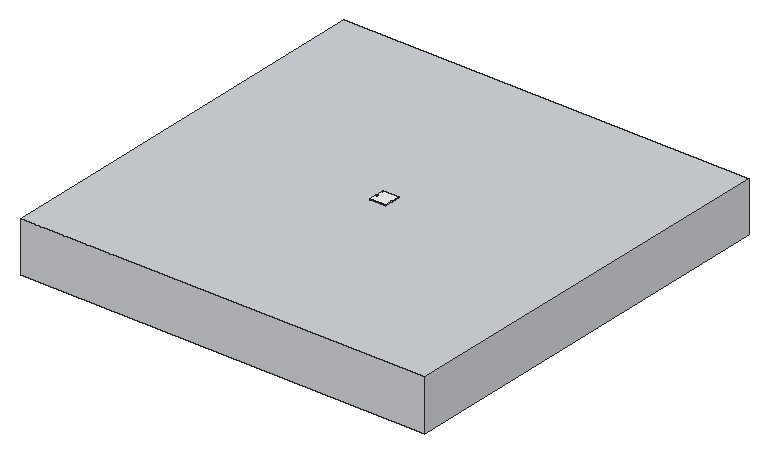
Revit family "Gira_5031126", category Elektroinstallationen, Revit 2017
Family settings
  Basisbauteil = Fläche
  Beschriftungsausrichtung beibehalten = Nein
  Bemaßung runder Anschluss = Durchmesser verwenden
  Teiletyp = Normal
  Beim Laden mit Abzugskörper schneiden = Nein
  Gemeinsam genutzt = Nein
  Raumberechnungspunkt = Nein
Parameters (values of type "Wippenset 1f indiv. Tastsens.4 TS4 Alum.Schwarz")
  Werkstoffgüte = "Aluminium"
  Werkstoff Text = "Metall"
  Default Elevation = 1219.2 mm
  URL = "https://www.gira.de/"
  Typname = "Wippenset 1f indiv. Tastsens.4 TS4 Alum.Schwarz"
  Type Comments = ""
  Transparent = no
  Produktseite = "https://media.stage.bim.site/t/eyJhbGciOiJIUzI1NiIsInR5cCI6IkpXVCJ9.eyJjdCI6MiwidHUiOiJodHRwOi8va2F0YWxvZy5naXJhLmRlL2RlX0RFL2RhdGVuYmxhdHQuaHRtbD9hcnRpa2VsbnI9NTAzMTEyNiIsImNpZCI6IjMyNzdjYzIzLTgxYTktNGVlMy1hOTBhLWI0N2JiNGMwYjYxNiIsInJpZCI6ImMxNjE4YjFhMGQ2MjdkMjMxOWViNGM0YzY4ZTIxMzUwIiwicGlkIjoiZTQ0NjU0ODBiOWUzZDQzYzA0YThjZDA5MWQwMDM2NWM3YzBkOGY2MyIsInNpZCI6IjYzNDcwIiwidXQiOjEsImxjIjoiZGUiLCJpYXQiOjE2MDA5NDIwOTMsImlzcyI6Imh0dHBzOi8vYXBpLmxpdmUuYmltLnNpdGUiLCJzdWIiOiJhZG1pbkBiaW1zaXRlLmRldiJ9.CxDiLf0hwj3Ng2ppFD2vupRKBpnQI9Fd3unnhJCj2Qo"
  Model = ""
  Cost = 0
  Hersteller = "Gira"
  HeinzeBIM = "https://www.heinze.de/bim/wippenset-1f-indiv-tastsens-4-ts4-alum-schwarz/e4465480b9e3d43c04a8cd091d00365c7c0d8f63"
  HAN = "5031126"
  GTIN = "4010337072638"
  Funk bidirektional = no
  Farbe = "schwarz"
  Datenblatt 1 = "https://media.stage.bim.site/t/eyJhbGciOiJIUzI1NiIsInR5cCI6IkpXVCJ9.eyJjdCI6MSwidGYiOiJwdWJsaWMvZ2lyYS9hZThjNTU3LzUwMzExMjYudHh0IiwiY2lkIjoiMzI3N2NjMjMtODFhOS00ZWUzLWE5MGEtYjQ3YmI0YzBiNjE2IiwicmlkIjoiYzE2MThiMWEwZDYyN2QyMzE5ZWI0YzRjNjhlMjEzNTAiLCJwaWQiOiJlNDQ2NTQ4MGI5ZTNkNDNjMDRhOGNkMDkxZDAwMzY1YzdjMGQ4ZjYzIiwic2lkIjoiNjM0NzAiLCJ1dCI6MSwibGMiOiJkZSIsImlhdCI6MTYwMDk0MjA5MywiaXNzIjoiaHR0cHM6Ly9hcGkubGl2ZS5iaW0uc2l0ZSIsInN1YiI6ImFkbWluQGJpbXNpdGUuZGV2In0.3bxCcdgfLJI1bm3JjWxG6UnrU6lMsVOyvuB_bkmOAfc/5031126.txt"
  Datenblatt = "https://media.stage.bim.site/t/eyJhbGciOiJIUzI1NiIsInR5cCI6IkpXVCJ9.eyJjdCI6MSwidHUiOiJodHRwczovL2thdGFsb2cuZ2lyYS5kZS9kZV9ERS9kb3dubG9hZC5odG1sP2FydGlrZWxucj01MDMxMTI2IiwiY2lkIjoiMzI3N2NjMjMtODFhOS00ZWUzLWE5MGEtYjQ3YmI0YzBiNjE2IiwicmlkIjoiYzE2MThiMWEwZDYyN2QyMzE5ZWI0YzRjNjhlMjEzNTAiLCJwaWQiOiJlNDQ2NTQ4MGI5ZTNkNDNjMDRhOGNkMDkxZDAwMzY1YzdjMGQ4ZjYzIiwic2lkIjoiNjM0NzAiLCJ1dCI6MSwibGMiOiJkZSIsImlhdCI6MTYwMDk0MjA5MywiaXNzIjoiaHR0cHM6Ly9hcGkubGl2ZS5iaW0uc2l0ZSIsInN1YiI6ImFkbWluQGJpbXNpdGUuZGV2In0.iaG7HE4wSAljWRJBS9wdwAnHTjv3Qavu7z1hoZDS2vE"
  Bussystem Powernet = no
  Bussystem LON = no
  Bussystem KNX-Funk = no
  Bussystem KNX = yes
  Bussystem Funkbus = no
  Beschreibung = "Wippenset 1fach individuell für Tastsensor 4  Aluminium Schwarz Hinweise :  Beschreibbare Wippensets können mit einer individuellen Beschriftung versehen werden. Die Bestellung wird über den Großhandel abgewickelt, der beim Bestellvorgang der Wippen angegeben wurde.  Dieses Produkt kann ausschließlich über den Gira Beschriftungsservice bestellt werden.  Professionelle Beschriftung über den Gira Beschriftungsservice www.beschriftung.gira.de."
  Assembly Code = ""
  Keynote = ""
  BIMSITE_PRODUCT_ID = "e4465480b9e3d43c04a8cd091d00365c7c0d8f63"
  BIM = "https://media.stage.bim.site/t/eyJhbGciOiJIUzI1NiIsInR5cCI6IkpXVCJ9.eyJjdCI6MSwidGYiOiJwdWJsaWMvZ2lyYS9hZThjNTU3LzQwXzUwMjEwMCBUUzQgV2lwcGVuc2V0IDFmYWNoLnJmYSIsImNpZCI6IjMyNzdjYzIzLTgxYTktNGVlMy1hOTBhLWI0N2JiNGMwYjYxNiIsInJpZCI6ImMxNjE4YjFhMGQ2MjdkMjMxOWViNGM0YzY4ZTIxMzUwIiwicGlkIjoiZTQ0NjU0ODBiOWUzZDQzYzA0YThjZDA5MWQwMDM2NWM3YzBkOGY2MyIsInNpZCI6IjYzNDcwIiwidXQiOjUsImxjIjoiZGUiLCJpYXQiOjE2MDA5NDIwOTMsImlzcyI6Imh0dHBzOi8vYXBpLmxpdmUuYmltLnNpdGUiLCJzdWIiOiJhZG1pbkBiaW1zaXRlLmRldiJ9.rpsZ3qyf72K27bnejfxCKj8ZKPuEY9MASMbgBg8OGCA/40_502100 TS4 Wippenset 1fach.rfa"
  Andere Bussysteme = "ohne"
Reference planes
  plane 1 "Center (Front/Back)": y = 0
  plane 2: z = 0
  plane 3 "Center (Left/Right)": x = 0
Forms (mm)
  Extrusion 1, solid
    sketch origin (0, 0, 0) x (1, 0, 0) y (0, 1, 0)
      loop
        line (-1219.2, 1219.2) -> (-1219.2, -1219.2) -> (1219.2, -1219.2) -> (1219.2, 1219.2) -> (-1219.2, 1219.2)
    from 0 to -304.8
Lines and regions (mm)
  reference lines
    curve 1: line (0, 47.5, 0) -> (0, -47.5, 0)
Dimensions and locks
  aligned and locked: plane 2 to Extrusion 1
  aligned and locked: level to Extrusion 1
Nested families
  nested 1: "40_502100 TS4 Wippenset 1fach" at (0, 0, 0), type "40_502100 TS4 Wippenset 1fach"
Definition of nested family "40_502100 TS4 Wippenset 1fach"
  Parameters
    White = none
  Reference planes
    plane 1 "Center (Front/Back)": y = 0
    plane 2: z = 0
    plane 3 "Center (Left/Right)": x = 0
  Forms (mm)
    Extrusion 1, solid, material <- "White", detail levels fine
      sketch origin (0, 0, 0) x (1, 0, 0) y (0, 1, 0)
        loop
          arc (-46.5, 47.5) -> (-47.207, 47.207) -> (-47.5, 46.5) r 1
          line (-47.5, 46.5) -> (-47.5, 1) -> (-42.5, 1)
          arc (-42.5, 1) -> (-41.5, 0) -> (-42.5, -1) r 1
          line (-42.5, -1) -> (-47.5, -1) -> (-47.5, -46.5)
          arc (-47.5, -46.5) -> (-47.207, -47.207) -> (-46.5, -47.5) r 1
          line (-46.5, -47.5) -> (46.5, -47.5)
          arc (46.5, -47.5) -> (47.207, -47.207) -> (47.5, -46.5) r 1
          line (47.5, -46.5) -> (47.5, -1) -> (42.5, -1)
          arc (42.5, -1) -> (41.5, 0) -> (42.5, 1) r 1
          line (42.5, 1) -> (47.5, 1) -> (47.5, 46.5)
          arc (47.5, 46.5) -> (47.207, 47.207) -> (46.5, 47.5) r 1
          line (46.5, 47.5) -> (-46.5, 47.5)
      from 0 to 3.1
    Extrusion 2, solid, material <- "White", detail levels fine
      sketch origin (0, 0, 0) x (1, 0, 0) y (0, 1, 0)
        loop
          line (43.976, 44.188) -> (-43.976, 44.188) -> (-43.976, -44.188) -> (43.976, -44.188) -> (43.976, 44.188)
      from 0 to -1.5
    Extrusion 3, solid, detail levels fine
      sketch origin (0, 0, 0) x (1, 0, 0) y (0, 0, 1)
        loop
          arc (-1.639, -4) -> (-1.115, -3.694) -> (-1.122, -3.087) r 0.603
          arc (-1.122, -3.087) -> (-0.011, -1.666) -> (1.122, -3.087) r 1.145
          arc (1.122, -3.087) -> (1.115, -3.694) -> (1.639, -4) r 0.603
          line (1.639, -4) -> (2.5, -4) -> (3.5, -1.5) -> (-3.5, -1.5) -> (-2.5, -4) -> (-1.639, -4)
      from 41.985 to 44.199
    Extrusion 4, solid, detail levels fine
      sketch origin (0, 0, 0) x (1, 0, 0) y (0, 0, -1)
        loop
          line (-1.639, 4) -> (-2.5, 4) -> (-3.5, 1.5) -> (3.5, 1.5) -> (2.5, 4) -> (1.639, 4)
          arc (1.639, 4) -> (1.115, 3.694) -> (1.122, 3.087) r 0.603
          arc (1.122, 3.087) -> (-0.011, 1.666) -> (-1.122, 3.087) r 1.145
          arc (-1.122, 3.087) -> (-1.115, 3.694) -> (-1.639, 4) r 0.603
      from 41.985 to 44.199
    Extrusion 5, solid, material <- "White", detail levels medium
      sketch origin (0, 0, 0) x (1, 0, 0) y (0, 1, 0)
        loop
          line (43.976, 44.188) -> (-43.976, 44.188) -> (-43.976, -44.188) -> (43.976, -44.188) -> (43.976, 44.188)
      from 0 to -4
    Extrusion 6, solid, material <- "White", detail levels medium
      sketch origin (0, 0, 0) x (1, 0, 0) y (0, 1, 0)
        loop
          line (-47.5, 47.5) -> (-47.5, -47.5) -> (47.5, -47.5) -> (47.5, 47.5) -> (-47.5, 47.5)
      from 0 to 3.3
    Extrusion 7, solid, material <- "White", detail levels fine
      sketch origin (0, 0, 0) x (1, 0, 0) y (0, 1, 0)
        loop
          line (-43.976, 44.188) -> (-43.976, 40.908) -> (-42.655, 40.908) -> (-42.655, 44.188) -> (-43.976, 44.188)
        loop
          line (43.976, 44.188) -> (42.655, 44.188) -> (42.655, 40.908) -> (43.976, 40.908) -> (43.976, 44.188)
        loop
          line (-43.976, -44.188) -> (-42.655, -44.188) -> (-42.655, -40.908) -> (-43.976, -40.908) -> (-43.976, -44.188)
        loop
          line (43.976, -44.188) -> (43.976, -40.908) -> (42.655, -40.908) -> (42.655, -44.188) -> (43.976, -44.188)
      from 0 to -4
    Extrusion 8, solid, detail levels fine
      sketch origin (0, 0, 0) x (1, 0, 0) y (0, 1, 0)
        loop
          line (-47.5, 1) -> (-47.5, -1) -> (-42.5, -1)
          arc (-42.5, -1) -> (-41.5, 0) -> (-42.5, 1) r 1
          line (-42.5, 1) -> (-47.5, 1)
        loop
          line (47.5, 1) -> (42.5, 1)
          arc (42.5, 1) -> (41.5, 0) -> (42.5, -1) r 1
          line (42.5, -1) -> (47.5, -1) -> (47.5, 1)
      from 0 to 3.3
    Extrusion 9, solid, detail levels coarse
      sketch origin (0, 0, 0) x (1, 0, 0) y (0, 1, 0)
        loop
          line (-47.5, 47.5) -> (-47.5, -47.5) -> (47.5, -47.5) -> (47.5, 47.5) -> (-47.5, 47.5)
      from -4 to 3.3
    Extrusion 10, solid, material <- "White", detail levels fine
      sketch origin (0, 0, 0) x (1, 0, 0) y (0, 1, 0)
        loop
          line (-41.852, 6.181) -> (-43.976, 4.461) -> (-43.976, -4.461) -> (-41.852, -6.181)
          arc (-41.852, -6.181) -> (-38.884, -6.014) -> (-38.763, -3.043) r 2.212
          line (-38.763, -3.043) -> (-38.763, 3.043)
          arc (-38.763, 3.043) -> (-38.884, 6.014) -> (-41.852, 6.181) r 2.212
        loop
          arc (-39.415, 3.847) -> (-39.669, 5.38) -> (-41.223, 5.404) r 1.212
          line (-41.223, 5.404) -> (-42.938, 4.015) -> (-40.57, 1.883) -> (-39.415, 3.847)
        loop
          line (-39.415, -3.847) -> (-40.57, -1.883) -> (-42.938, -4.015) -> (-41.223, -5.404)
          arc (-41.223, -5.404) -> (-39.669, -5.38) -> (-39.415, -3.847) r 1.212
        loop
          arc (41.852, 6.181) -> (38.884, 6.014) -> (38.763, 3.043) r 2.212
          line (38.763, 3.043) -> (38.763, -3.043)
          arc (38.763, -3.043) -> (38.884, -6.014) -> (41.852, -6.181) r 2.212
          line (41.852, -6.181) -> (43.976, -4.461) -> (43.976, 4.461) -> (41.852, 6.181)
        loop
          line (39.415, 3.847) -> (40.57, 1.883) -> (42.938, 4.015) -> (41.223, 5.404)
          arc (41.223, 5.404) -> (39.669, 5.38) -> (39.415, 3.847) r 1.212
        loop
          arc (39.415, -3.847) -> (39.669, -5.38) -> (41.223, -5.404) r 1.212
          line (41.223, -5.404) -> (42.938, -4.015) -> (40.57, -1.883) -> (39.415, -3.847)
      from 0 to -3.1
  Cuts and joins
    joined: Extrusion 2, Extrusion 7, Extrusion 10
  Dimensions and locks
    aligned and locked: level to plane 2
